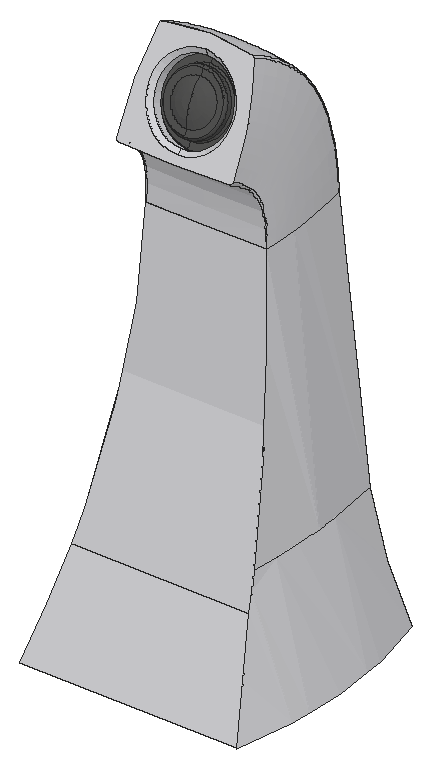
Revit family "Faucet-Wall_Mount-Bath_Spout-KOHLER-MEMOIRS-K-29992IN_1", category Plumbing Fixtures, host Face, Revit 2017
Family settings
  Host = Face
  Round Connector Dimension = Use Diameter
  Part Type = Normal
  OmniClass Number = 23.31.11.00
  OmniClass Title = Faucets
  Cut with Voids When Loaded = No
  Shared = No
  Room Calculation Point = No
Parameters (values of type "CP-Polished Chrome")
  Width = 2.75591"  # constant formula
  WaterSense Certified = 1 = 0  # no
  Waste Water Outlet = "Waste Water Outlet"  # constant formula
  Waste Connection = 1 = 0  # no
  Vent Connection = 1 = 0  # no
  URL = "https://www.kohler.co.in/"
  Type = 1
  Tempered Water Inlet = "Tempered Water Inlet"  # constant formula
  Spout Reach = 5.94488"  # constant formula
  Product Page URL = "https://www.kohler.co.in/product-detail/29992in?skuid=K-29992IN-CP"
  Product Name = "MEMOIRS"  # constant formula
  Product Documentation Link = ""
  Pressure = 45.00 psi  # constant formula
  Model = if(Type = 1, "K-29992IN-CP", if(Type = 2, "K-29992IN-BN", "NA"))  # "K-29992IN-CP"
  Material = "Premium Metal Construction"  # constant formula
  Master Format 2014 Name = "Residential Faucets, Supplies, and Trim"  # constant formula
  Master Format 2014 = "22 41 39"  # constant formula
  Manufacturer Address = "Ambience Office Tower NH-8 Gurgaon / Gurugram Haryana , 122001"  # constant formula
  Manufacturer = "KOHLER Co."  # constant formula
  Length = Spout Reach  # 5.94488"
  Hot Water Inlet = "Hot Water Inlet"  # constant formula
  Height = 2.87402"  # constant formula
  HW Connection = 1 = 1  # yes
  Flow Rate = 12 GPM  # constant formula
  Finish = Kohler-Metal-CP-Polished_Chrome
  Environmental Product Declaration = ""
  Drain Included = 1 = 0  # no
  Description = "Bath spout without diverter"  # constant formula
  Default Elevation = 36"
  Declare Label = ""
  Date Modified = "10/21/2020"  # constant formula
  Date Created = "10/21/2020"  # constant formula
  Copyright = "Copyright KOHLER Co."  # constant formula
  Contact Us = "https://www.kohler.co.in/contact-us"
  Cold Water Inlet = "Cold Water Inlet"  # constant formula
  CW Connection = 1 = 0  # no
  Assembly Code = "D2010"
  ADA Compliant = 1 = 0  # no
Types (3): name | Type | Product Page URL | Model | Finish
  (no name) | 1 | "https://www.kohler.co.in/product-detail/29992in?skuid=K-29992IN-CP" | "K-29992IN-CP" | Kohler-Metal-CP-Polished_Chrome
  CP-Polished Chrome | 1 | "https://www.kohler.co.in/product-detail/29992in?skuid=K-29992IN-CP" | "K-29992IN-CP" | Kohler-Metal-CP-Polished_Chrome
  BN-Brushed Nickel | 2 | "https://www.kohler.co.in/product-detail/29992in?skuid=K-29992IN-BN" | "K-29992IN-BN" | Kohler-Metal-BN-Vibrant_Brushed_Nickel
Reference planes (in)
  plane 1 "Center (Front/Back)": y = 0
  plane 2: z = 0
  plane 3 "Center (Left/Right)": x = 0
  plane 4: z = 5.94488
  plane 5: through (0, -0.51989, 5.94488) normal (0, 0.4077, 0.9131)
  plane 6: x = -1.38277
  plane 7: x = 1.37313
  plane 8: y = 1.43701
  plane 9: y = -1.43701
  plane 10: z = 6.49606
Dimensions and locks (in)
  "Spout Reach": plane 4 to level
  "Width": plane 6 to plane 7
  "Height": plane 9 to plane 8
  aligned and locked: plane 2 to host face
  aligned and locked: level to host face
Automatic sketch dimensions
  host sketch curve to host sketch curve = 96"  (x2)
Nested families (in)
  nested 1: "K-29992IN" at (0, 0, 0), type "K-29992IN"
Connectors (in)
  piping at (0, 0, 0), diameter 0.5, driven by "Flow Rate", driven by "Pressure", driven by "HW Connection", driven by "Tempered Water Inlet"
    settings: on nested 1, index 1, connector inside diameter 24", connector length 0", flow factor 0, pipe flow 12 GPM, pressure drop 45.00 psi, fitting loss kfactor 0, connector angle 0.00°, fixture units 0, engagement length 0", angle of deflection 0.00°, flow configuration 1, flow direction 1, fitting loss method 4, system type 19, joint type 0, gender type 0, connector reference index -1, connector utility 1, adjustable connector no, is connector primary yes, connector description "Tempered Water Inlet"
Definition of nested family "K-29992IN"
  Parameters (values of type "K-29992IN")
    Material = none
  Reference planes (in)
    plane 1 "Center (Front/Back)": y = 0
    plane 2: z = 0
    plane 3 "Center (Left/Right)": x = 0
    plane 4: x = -1.37795
    plane 5: x = 1.37795
    plane 6: y = 1.43701
    plane 7: y = -1.43701
    plane 8: z = 5.94488
    plane 9: z = 6.49606
    plane 10 "A": through (0, -0.25661, 6.53462) normal (0, -0.9131, 0.4077)
  Forms (in)
    Extrusion 1, solid, material <- "Material", detail levels medium+fine
      sketch origin (0, 0, 0) x (0, 1, 0) y (0, 0, 1)
        loop
          arc (-0.30116, 4.60489) -> (-0.48182, 2.83519) -> (-0.97726, 1.12668) r 9.86843
          arc (-0.97726, 1.12668) -> (-1.20431, 0.56118) -> (-1.44184, 0) r 32.7384
          line (-1.44184, 0) -> (1.83071, 0) -> (1.83071, 6.88117) -> (-1.43701, 6.88117) -> (-1.43701, 5.64948)
          arc (-1.43701, 5.64948) -> (-1.00559, 5.47146) -> (-0.60911, 5.22528) r 2.84362
          arc (-0.60911, 5.22528) -> (-0.3805, 4.95213) -> (-0.30116, 4.60489) r 0.76132
      from -1.65473 to 1.55213
    Sweep 2, void
      path origin (0, 0, 0) x (0, 1, 0) y (0, 0, 1)
        loop
          arc (-1.51466, 6.70955) -> (-0.39877, 6.61232) -> (0.56826, 6.04708) r 2.55468
          arc (0.56826, 6.04708) -> (0.75294, 5.81033) -> (0.85473, 5.52784) r 0.95223
          arc (0.85473, 5.52784) -> (0.92111, 5.10136) -> (0.95912, 4.67142) r 6.51843
          line (0.95912, 4.67142) -> (1.13361, 1.50549)
          arc (1.13361, 1.50549) -> (1.40215, 0.08267) -> (2.03131, -1.22143) r 5.52208
      profile origin (0, 1.04636, 3.08845) x (0, 0.998485, 0.055032) y (1, 0, 0)
        loop
          line (1.57048, -1.9943) -> (1.57048, 1.83173) -> (-0.29416, 1.83173)
          arc (-0.29416, 1.83173) -> (-0.00056, -0.08572) -> (-0.3472, -1.9943) r 5.87678
          line (-0.3472, -1.9943) -> (1.57048, -1.9943)
    Sweep 3, void
      path origin (0, 0, 0) x (1, 0, 0) y (0, 0, 1)
        loop
          arc (-2.07379, -1.56668) -> (-1.39948, -0.08106) -> (-0.99214, 1.49876) r 9.40167
          arc (-0.99214, 1.49876) -> (-0.77333, 3.22112) -> (-0.68973, 4.95532) r 22.20857
          arc (-0.68973, 4.95532) -> (-0.74471, 6.3071) -> (-0.9336, 7.64675) r 13.61201
      profile origin (-0.68973, 0, 4.95532) x (-0.999959, 0, 0.009069) y (0, -1, 0)
        loop
          arc (-0.22378, 1.96267) -> (0.0049, 0.10827) -> (-0.39632, -1.71658) r 5.53616
          line (-0.39632, -1.71658) -> (1.13985, -1.71658) -> (1.13985, 1.96267) -> (-0.22378, 1.96267)
    Sweep 4, void
      path origin (0, 0, 0) x (-1, 0, 0) y (0, 0, 1)
        loop
          arc (-2.07379, -1.56668) -> (-1.39948, -0.08106) -> (-0.99214, 1.49876) r 9.40167
          arc (-0.99214, 1.49876) -> (-0.77333, 3.22112) -> (-0.68973, 4.95532) r 22.20857
          arc (-0.68973, 4.95532) -> (-0.74471, 6.3071) -> (-0.9336, 7.64675) r 13.61201
      profile origin (0.68973, 0, 4.95532) x (-0.999959, 0, -0.009069) y (0, -1, 0)
        loop
          line (0.22378, 1.96267) -> (-1.13985, 1.96267) -> (-1.13985, -1.71658) -> (0.39632, -1.71658)
          arc (0.39632, -1.71658) -> (-0.0049, 0.10827) -> (0.22378, 1.96267) r 5.53616
    Extrusion 5, void
      sketch origin (0, 0, 0) x (0, 1, 0) y (0, 0, 1)
        loop
          line (1.43701, 4.53995) -> (1.43701, 6.87832) -> (-1.69522, 6.87832) -> (-1.69522, 4.53995) -> (1.43701, 4.53995)
      from -0.97109 to 0.96685
    SweptBlend 6, solid, material <- "Material", detail levels medium+fine
      path origin (0, 0, 0) x (0, 1, 0) y (0, 0, 1)
        loop
          spline (-0.30212, 4.53995) -> (-0.30334, 4.64083) -> (-0.30879, 4.74054) -> (-0.32116, 4.83824) -> (-0.34316, 4.9331) -> (-0.37747, 5.02431) -> (-0.42679, 5.11102) -> (-0.49382, 5.19243) -> (-0.58126, 5.2677) -> (-0.69178, 5.33601) -> (-0.8281, 5.39653) -> (-0.9929, 5.44843) -> (-1.18889, 5.49089)
      profile origin (0, -0.30212, 4.53995) x (0, -1, 0) y (1, 0, 0)
        loop
          arc (-1.24291, -0.55148) -> (-0.6259, -0.66501) -> (0, -0.70798) r 5.53417
          line (0, -0.70798) -> (0, 0.70798)
          arc (0, 0.70798) -> (-0.62548, 0.66507) -> (-1.24209, 0.55168) r 5.53417
          arc (-1.24209, 0.55168) -> (-1.26848, 0.00012) -> (-1.24291, -0.55148) r 5.86791
      end profile origin (0, -1.18889, 5.49089) x (0, -0.173648, -0.984808) y (1, 0, 0)
        loop
          arc (-1.21636, -0.53267) -> (-1.20617, -0.5521) -> (-1.18716, -0.56305) r 0.03937
          arc (-1.18716, -0.56305) -> (-0.62824, -0.66007) -> (-0.06131, -0.67975) r 4.13858
          arc (-0.06131, -0.67975) -> (-0.03513, -0.66856) -> (-0.02333, -0.64265) r 0.03937
          arc (-0.02333, -0.64265) -> (-0.00499, -0.00481) -> (-0.02306, 0.63304) r 11.17837
          arc (-0.02306, 0.63304) -> (-0.03424, 0.65835) -> (-0.05931, 0.67006) r 0.03937
          arc (-0.05931, 0.67006) -> (-0.63022, 0.66309) -> (-1.19065, 0.55393) r 3.17329
          arc (-1.19065, 0.55393) -> (-1.20868, 0.54274) -> (-1.21829, 0.52383) r 0.03937
          arc (-1.21829, 0.52383) -> (-1.27007, -0.00452) -> (-1.21636, -0.53267) r 2.67168
    Blend 7, solid, material <- "Material", detail levels coarse
      base sketch origin (0, 0, 0) x (1, 0, 0) y (0, 1, 0)
        loop
          line (-1.37989, -1.44184) -> (1.37989, -1.44184) -> (1.37989, 1.43006) -> (-1.37989, 1.43006) -> (-1.37989, -1.44184)
      top sketch origin (0, 0, 0) x (1, 0, 0) y (0, 1, 0)
        loop
          line (-0.6961, 0.99038) -> (-0.6961, -0.30212) -> (0.70798, -0.30212) -> (0.70798, 0.99038) -> (-0.6961, 0.99038)
      from 0 to 4.53995
    Sweep 8, solid, material <- "Material", detail levels coarse
      path origin (0, 0, 0) x (0, 1, 0) y (0, 0, 1)
        loop
          arc (-1.57409, 5.63356) -> (-1.17891, 5.48876) -> (-0.7727, 5.37858) r 4.87563
          arc (-0.7727, 5.37858) -> (-0.53528, 5.25664) -> (-0.3866, 5.03498) r 0.53364
          arc (-0.3866, 5.03498) -> (-0.32339, 4.79104) -> (-0.30212, 4.53995) r 1.49259
      profile origin (0, -0.30212, 4.53995) x (1, 0, 0) y (0, 1, 0)
        loop
          line (-0.6961, 1.2925) -> (-0.6961, 0) -> (0.70798, 0) -> (0.70798, 1.2925) -> (-0.6961, 1.2925)
    Extrusion 9, void
      sketch origin (0, 0, 0) x (0, 1, 0) y (0, 0, 1)
        loop
          line (-0.89658, 5.10109) -> (-0.10566, 6.87275) -> (-1.68047, 6.87275) -> (-1.68047, 5.10109) -> (-0.89658, 5.10109)
      from -0.97343 to 1.09596
    Extrusion 10, solid, material <- "Material", detail levels medium+fine
      sketch origin (0, 0, 0) x (1, 0, 0) y (0, 1, 0)
        loop
          circle (0, 0) r 0.09843
      from 0.04624 to 0
    Extrusion 11, void
      sketch origin (0, 0, 0) x (0, 1, 0) y (0, 0, 1)
        loop
          line (0, 7.10943) -> (-1.43701, 7.10943) -> (-1.43701, 5.14093) -> (-0.8788, 5.14093) -> (0, 7.10943)
      from -1.02334 to 0.99783
    Revolve 12, void
      sketch origin (0, 0, 0) x (0, 1, 0) y (0, 0, 1)
        loop
          line (-0.25411, 5.80936) -> (-0.06951, 6.22287) -> (-0.29259, 6.32246) -> (-0.33343, 6.43466) -> (-0.55301, 5.9428) -> (-0.25411, 5.80936)
        axis (-0.25411, 5.80936) -> (-0.55301, 5.9428)
      angle from 0 to 360
    Revolve 13, solid, detail levels medium+fine
      sketch origin (0, 0, 0) x (0, 1, 0) y (0, 0, 1)
        loop
          line (-0.35497, 6.22087) -> (-0.38711, 6.14887)
          arc (-0.38711, 6.14887) -> (-0.48019, 6.05469) -> (-0.54507, 5.93925) r 0.49636
          line (-0.54507, 5.93925) -> (-0.2544, 5.80949) -> (-0.06173, 6.24108) -> (-0.17208, 6.29034) -> (-0.20256, 6.28217) -> (-0.23468, 6.21024) -> (-0.26507, 6.20209) -> (-0.31617, 6.22491)
          arc (-0.31617, 6.22491) -> (-0.33605, 6.22756) -> (-0.35497, 6.22087) r 0.04286
        axis (-0.2544, 5.80949) -> (-0.54507, 5.93925)
      angle from 0 to 360
  Cuts and joins
    Sweep 2, Sweep 3, Sweep 4, Extrusion 5 cuts Extrusion 1
    Extrusion 11, Revolve 12 cuts SweptBlend 6
    Extrusion 9 cuts Sweep 8
    joined: Blend 7, Sweep 8
  Lines and regions (in)
    Masking region 1
      outline origin (0, 0, 0) x (1, 0, 0) y (0, 1, 0)
        loop
          arc (-1.08256, 1.32483) -> (-1.10067, 1.3157) -> (-1.11183, 1.29877) r 0.03937
          arc (-1.11183, 1.29877) -> (-1.37272, -0.04235) -> (-1.27926, -1.40541) r 5.2578
          arc (-1.27926, -1.40541) -> (-1.26561, -1.4281) -> (-1.24067, -1.43701) r 0.03937
          line (-1.24067, -1.43701) -> (1.24067, -1.43701)
          arc (1.24067, -1.43701) -> (1.26561, -1.4281) -> (1.27926, -1.40541) r 0.03937
          arc (1.27926, -1.40541) -> (1.37272, -0.04235) -> (1.11183, 1.29877) r 5.2578
          arc (1.11183, 1.29877) -> (1.10067, 1.3157) -> (1.08256, 1.32483) r 0.03937
          arc (1.08256, 1.32483) -> (0.56612, 1.40657) -> (0.04412, 1.43682) r 5.27977
          arc (0.04412, 1.43682) -> (-0.52223, 1.41112) -> (-1.08256, 1.32483) r 5.27977
    Masking region 2
      outline origin (0, 0, 0) x (0, 1, 0) y (0, 0, 1)
        loop
          arc (1.12267, 1.64379) -> (1.08144, 2.55122) -> (1.03024, 3.45814) r 82.68363
          arc (1.03024, 3.45814) -> (0.99497, 4.07055) -> (0.96503, 4.68324) r 70.4797
          arc (0.96503, 4.68324) -> (0.88245, 5.22161) -> (0.68667, 5.72987) r 2.53275
          arc (0.68667, 5.72987) -> (0.53857, 5.95788) -> (0.34788, 6.15168) r 1.35309
          arc (0.34788, 6.15168) -> (0.07129, 6.34285) -> (-0.2345, 6.48261) r 1.91168
          arc (-0.2345, 6.48261) -> (-0.26724, 6.48155) -> (-0.29057, 6.45856) r 0.04495
          line (-0.29057, 6.45856) -> (-0.46109, 6.07659)
          arc (-0.46109, 6.07659) -> (-0.54625, 5.93867) -> (-0.59207, 5.78319) r 0.60978
          line (-0.59207, 5.78319) -> (-0.7512, 5.42673)
          arc (-0.7512, 5.42673) -> (-0.75232, 5.39741) -> (-0.73285, 5.37547) r 0.03937
          arc (-0.73285, 5.37547) -> (-0.38792, 5.04125) -> (-0.29782, 4.56949) r 0.79658
          arc (-0.29782, 4.56949) -> (-0.36682, 3.57999) -> (-0.53016, 2.60163) r 10.35712
          arc (-0.53016, 2.60163) -> (-0.72487, 1.85541) -> (-0.97726, 1.12668) r 9.86843
          arc (-0.97726, 1.12668) -> (-1.20292, 0.56162) -> (-1.43701, 0) r 40.72298
          line (-1.43701, 0) -> (1.43701, 0)
          arc (1.43701, 0) -> (1.2208, 0.81048) -> (1.12579, 1.64391) r 5.70414
    Masking region 3
      outline origin (0, 0, 0) x (1, 0, 0) y (0, 0, 1)
        loop
          arc (1.37795, 0) -> (1.04423, 1.21285) -> (0.85579, 2.45658) r 10.65441
          arc (0.85579, 2.45658) -> (0.77122, 3.49751) -> (0.70798, 4.53995) r 51.0001
          arc (0.70798, 4.53995) -> (0.68687, 5.1205) -> (0.682, 5.70142) r 20.76477
          arc (0.682, 5.70142) -> (0.67008, 5.92554) -> (0.632, 6.14672) r 1.9125
          arc (0.632, 6.14672) -> (0.59652, 6.29637) -> (0.55999, 6.44577) r 21.72433
          arc (0.55999, 6.44577) -> (0.54784, 6.4654) -> (0.52653, 6.47428) r 0.03774
          arc (0.52653, 6.47428) -> (0.00081, 6.49606) -> (-0.52485, 6.47279) r 6.14489
          arc (-0.52485, 6.47279) -> (-0.54784, 6.46315) -> (-0.56093, 6.44195) r 0.04083
          arc (-0.56093, 6.44195) -> (-0.59698, 6.29446) -> (-0.632, 6.14672) r 21.72433
          arc (-0.632, 6.14672) -> (-0.67008, 5.92554) -> (-0.682, 5.70142) r 1.9125
          arc (-0.682, 5.70142) -> (-0.68687, 5.1205) -> (-0.70798, 4.53995) r 20.76477
          arc (-0.70798, 4.53995) -> (-0.77122, 3.49751) -> (-0.85579, 2.45658) r 51.0001
          arc (-0.85579, 2.45658) -> (-1.04423, 1.21285) -> (-1.37795, 0) r 10.65441
          line (-1.37795, 0) -> (1.37795, 0)
    symbolic lines, detail levels medium+fine
      curve 1: arc (-1.10127, 1.31516, 0) -> (-0.93537, 1.14765, 0) -> (-0.72032, 1.05106, 0) r 0.64415
      curve 2: arc (-0.72032, 1.05106, 0) -> (-0.62642, 1.01043, 0) -> (-0.55148, 0.94079, 0) r 0.30199
      curve 3: arc (1.10127, 1.31516, 0) -> (0.93537, 1.14765, 0) -> (0.72032, 1.05106, 0) r 0.64415
      curve 4: arc (0.72032, 1.05106, 0) -> (0.62642, 1.01043, 0) -> (0.55148, 0.94079, 0) r 0.30199
      curve 5: arc (-1.26465, -1.42886, 0) -> (-1.05773, -1.01822, 0) -> (-0.87702, -0.59538, 0) r 7.31254
      curve 6: arc (-0.87702, -0.59538, 0) -> (-0.80351, -0.44226, 0) -> (-0.70789, -0.30187, 0) r 1.13098
      curve 7: arc (1.26465, -1.42886, 0) -> (1.05773, -1.01822, 0) -> (0.87702, -0.59538, 0) r 7.31254
      curve 8: arc (0.87702, -0.59538, 0) -> (0.80351, -0.44226, 0) -> (0.70789, -0.30187, 0) r 1.13098
      curve 9: spline (-0.53508, -0.27607, 0) -> (-0.44709, -0.27017, 0) -> (-0.35871, -0.26532, 0) -> (-0.27002, -0.26154, 0) -> (-0.18109, -0.25883, 0) -> (-0.09201, -0.25719, 0) -> (-0.00284, -0.25661, 0) -> (0.08633, -0.25711, 0) -> (0.17542, -0.25868, 0) -> (0.26436, -0.26132, 0) -> (0.35307, -0.26502, 0) -> (0.44147, -0.26979, 0) -> (0.5295, -0.27562, 0)
      curve 10: spline (-0.5607, -0.28566, 0) -> (-0.55982, -0.28446, 0) -> (-0.55866, -0.2833, 0) -> (-0.55723, -0.28219, 0) -> (-0.55554, -0.28115, 0) -> (-0.55361, -0.28018, 0) -> (-0.55145, -0.27928, 0) -> (-0.54909, -0.27848, 0) -> (-0.54655, -0.27778, 0) -> (-0.54385, -0.27718, 0) -> (-0.54102, -0.2767, 0) -> (-0.53809, -0.27632, 0) -> (-0.53508, -0.27607, 0)
      curve 11: spline (-0.6854, -0.75312, 0) -> (-0.68661, -0.71383, 0) -> (-0.6857, -0.67453, 0) -> (-0.68267, -0.63525, 0) -> (-0.67753, -0.59601, 0) -> (-0.67027, -0.55682, 0) -> (-0.6609, -0.51771, 0) -> (-0.64942, -0.47869, 0) -> (-0.63585, -0.43979, 0) -> (-0.62018, -0.40101, 0) -> (-0.60243, -0.36239, 0) -> (-0.5826, -0.32393, 0) -> (-0.5607, -0.28566, 0)
      curve 12: spline (-0.65423, -0.76686, 0) -> (-0.65845, -0.76667, 0) -> (-0.66256, -0.76626, 0) -> (-0.66652, -0.76564, 0) -> (-0.67024, -0.76481, 0) -> (-0.67367, -0.76379, 0) -> (-0.67674, -0.7626, 0) -> (-0.67941, -0.76126, 0) -> (-0.68164, -0.75979, 0) -> (-0.68337, -0.75821, 0) -> (-0.68459, -0.75656, 0) -> (-0.68527, -0.75485, 0) -> (-0.6854, -0.75312, 0)
      curve 13: spline (0.64792, -0.76674, 0) -> (0.53947, -0.76855, 0) -> (0.43098, -0.77004, 0) -> (0.32247, -0.77119, 0) -> (0.21394, -0.77202, 0) -> (0.1054, -0.77253, 0) -> (-0.00315, -0.7727, 0) -> (-0.1117, -0.77255, 0) -> (-0.22024, -0.77207, 0) -> (-0.32877, -0.77126, 0) -> (-0.43728, -0.77012, 0) -> (-0.54577, -0.76866, 0) -> (-0.65423, -0.76687, 0)
      curve 14: spline (0.6776, -0.75472, 0) -> (0.67712, -0.75626, 0) -> (0.67619, -0.75776, 0) -> (0.67482, -0.75921, 0) -> (0.67304, -0.76058, 0) -> (0.67087, -0.76186, 0) -> (0.66833, -0.76302, 0) -> (0.66548, -0.76404, 0) -> (0.66234, -0.76492, 0) -> (0.65896, -0.76564, 0) -> (0.6554, -0.76619, 0) -> (0.6517, -0.76655, 0) -> (0.64792, -0.76674, 0)
      curve 15: spline (0.55347, -0.28459, 0) -> (0.57835, -0.32285, 0) -> (0.60064, -0.36138, 0) -> (0.6203, -0.40014, 0) -> (0.63733, -0.43911, 0) -> (0.65172, -0.47826, 0) -> (0.66344, -0.51755, 0) -> (0.6725, -0.55696, 0) -> (0.67888, -0.59646, 0) -> (0.68258, -0.63602, 0) -> (0.6836, -0.6756, 0) -> (0.68194, -0.71518, 0) -> (0.6776, -0.75472, 0)
      curve 16: arc (0.5295, -0.27562, 0) -> (0.5429, -0.27633, 0) -> (0.55347, -0.28459, 0) r 0.02232
      curve 17: arc (-0.55148, 0.94079, 0) -> (-0.54643, 0.32749, 0) -> (-0.5607, -0.28566, 0) r 19.4749
      curve 18: arc (0.55148, 0.94079, 0) -> (0.54647, 0.32238, 0) -> (0.5611, -0.29588, 0) r 19.4749
      curve 19: arc (-0.6854, -0.75312, 0) -> (-0.70776, -0.52805, 0) -> (-0.70789, -0.30187, 0) r 2.29904
      curve 20: arc (0.6776, -0.75472, 0) -> (0.70512, -0.52912, 0) -> (0.70789, -0.30187, 0) r 2.08144
      curve 21: spline (0, -0.7485, 0) -> (-0.14511, -0.74071, 0) -> (-0.28034, -0.71788, 0) -> (-0.39645, -0.68156, 0) -> (-0.48556, -0.63422, 0) -> (-0.54157, -0.5791, 0) -> (-0.56067, -0.51994, 0) -> (-0.54157, -0.46078, 0) -> (-0.48556, -0.40566, 0) -> (-0.39645, -0.35832, 0) -> (-0.28034, -0.322, 0) -> (-0.14511, -0.29917, 0) -> (0, -0.29138, 0)
      curve 22: spline (0, -0.29138, 0) -> (0.14511, -0.29917, 0) -> (0.28034, -0.322, 0) -> (0.39645, -0.35832, 0) -> (0.48556, -0.40566, 0) -> (0.54157, -0.46078, 0) -> (0.56067, -0.51994, 0) -> (0.54157, -0.5791, 0) -> (0.48556, -0.63422, 0) -> (0.39645, -0.68156, 0) -> (0.28034, -0.71788, 0) -> (0.14511, -0.74071, 0) -> (0, -0.7485, 0)
      curve 23: spline (-0.51546, -0.53385, 0) -> (-0.51972, -0.52968, 0) -> (-0.52378, -0.52547, 0) -> (-0.52763, -0.52124, 0) -> (-0.53128, -0.51697, 0) -> (-0.53472, -0.51267, 0) -> (-0.53795, -0.50835, 0) -> (-0.54097, -0.504, 0) -> (-0.54377, -0.49963, 0) -> (-0.54637, -0.49523, 0) -> (-0.54875, -0.49082, 0) -> (-0.55092, -0.48639, 0) -> (-0.55287, -0.48194, 0)
      curve 24: arc (-0.22596, -0.68205, 0) -> (-0.11363, -0.70024, 0) -> (0, -0.70633, 0) r 1.06335
      curve 25: arc (-0.43113, -0.61139, 0) -> (-0.33062, -0.65275, 0) -> (-0.22596, -0.68205, 0) r 0.92515
      curve 26: arc (-0.5108, -0.54158, 0) -> (-0.47571, -0.5819, 0) -> (-0.43113, -0.61139, 0) r 0.19836
      curve 27: arc (-0.52973, -0.48794, 0) -> (-0.52352, -0.51591, 0) -> (-0.5108, -0.54158, 0) r 0.11883
      curve 28: arc (-0.52711, -0.44205, 0) -> (-0.5302, -0.46489, 0) -> (-0.52973, -0.48794, 0) r 0.14925
      curve 29: spline (0.51546, -0.53385, 0) -> (0.51972, -0.52968, 0) -> (0.52378, -0.52547, 0) -> (0.52763, -0.52124, 0) -> (0.53128, -0.51697, 0) -> (0.53472, -0.51267, 0) -> (0.53795, -0.50835, 0) -> (0.54097, -0.504, 0) -> (0.54377, -0.49963, 0) -> (0.54637, -0.49523, 0) -> (0.54875, -0.49082, 0) -> (0.55092, -0.48639, 0) -> (0.55287, -0.48194, 0)
      curve 30: arc (0.22596, -0.68205, 0) -> (0.11363, -0.70024, 0) -> (0, -0.70633, 0) r 1.06335
      curve 31: arc (0.43113, -0.61139, 0) -> (0.33062, -0.65275, 0) -> (0.22596, -0.68205, 0) r 0.92515
      curve 32: arc (0.5108, -0.54158, 0) -> (0.47571, -0.5819, 0) -> (0.43113, -0.61139, 0) r 0.19836
      curve 33: arc (0.52973, -0.48794, 0) -> (0.52352, -0.51591, 0) -> (0.5108, -0.54158, 0) r 0.11883
      curve 34: arc (0.52711, -0.44205, 0) -> (0.5302, -0.46489, 0) -> (0.52973, -0.48794, 0) r 0.14925
      curve 35: spline (0, -0.63726, 0) -> (-0.05217, -0.63609, 0) -> (-0.10371, -0.63258, 0) -> (-0.15399, -0.62679, 0) -> (-0.2024, -0.61877, 0) -> (-0.24835, -0.60863, 0) -> (-0.29129, -0.5965, 0) -> (-0.33069, -0.58251, 0) -> (-0.36608, -0.56684, 0) -> (-0.39702, -0.54968, 0) -> (-0.42315, -0.53123, 0) -> (-0.44414, -0.51172, 0) -> (-0.45973, -0.49139, 0)
      curve 36: spline (0.45973, -0.49139, 0) -> (0.44414, -0.51172, 0) -> (0.42315, -0.53123, 0) -> (0.39702, -0.54968, 0) -> (0.36608, -0.56684, 0) -> (0.33069, -0.58251, 0) -> (0.29129, -0.5965, 0) -> (0.24835, -0.60863, 0) -> (0.2024, -0.61877, 0) -> (0.15399, -0.62679, 0) -> (0.10371, -0.63258, 0) -> (0.05217, -0.63609, 0) -> (0, -0.63726, 0)
      curve 37: arc (-0.18255, -0.31055, 0) -> (-0.09153, -0.3002, 0) -> (0, -0.29674, 0) r 1.21368
      curve 38: arc (-0.35827, -0.36044, 0) -> (-0.27198, -0.32996, 0) -> (-0.18255, -0.31055, 0) r 0.7287
      curve 39: arc (-0.45146, -0.4232, 0) -> (-0.40786, -0.38737, 0) -> (-0.35827, -0.36044, 0) r 0.29694
      curve 40: arc (-0.45938, -0.49117, 0) -> (-0.46729, -0.4558, 0) -> (-0.45146, -0.4232, 0) r 0.05498
      curve 41: arc (0.18255, -0.31055, 0) -> (0.09153, -0.3002, 0) -> (0, -0.29674, 0) r 1.21368
      curve 42: arc (0.35827, -0.36044, 0) -> (0.27198, -0.32996, 0) -> (0.18255, -0.31055, 0) r 0.7287
      curve 43: arc (0.45146, -0.4232, 0) -> (0.40786, -0.38737, 0) -> (0.35827, -0.36044, 0) r 0.29694
      curve 44: arc (0.45938, -0.49117, 0) -> (0.46729, -0.4558, 0) -> (0.45146, -0.4232, 0) r 0.05498
      curve 45: spline (0, 1.32019, 0) -> (0, 1.28632, 0.12014) -> (0, 1.25493, 0.2411) -> (0, 1.22601, 0.36284) -> (0, 1.19958, 0.4853) -> (0, 1.17567, 0.60843) -> (0, 1.15426, 0.73216) -> (0, 1.13538, 0.85646) -> (0, 1.11903, 0.98126) -> (0, 1.10523, 1.1065) -> (0, 1.09397, 1.23214) -> (0, 1.08526, 1.35812) -> (0, 1.0791, 1.48437)
      curve 46: spline (0, 1.0791, 1.48437) -> (0, 1.07037, 1.73741) -> (0, 1.06113, 1.99086) -> (0, 1.05137, 2.24467) -> (0, 1.04111, 2.49883) -> (0, 1.03033, 2.75329) -> (0, 1.01905, 3.00802) -> (0, 1.00726, 3.26297) -> (0, 0.99497, 3.51812) -> (0, 0.98217, 3.77343) -> (0, 0.96888, 4.02886) -> (0, 0.95508, 4.28438) -> (0, 0.94079, 4.53995)
      curve 47: line (0, -0.23382, 6.41971) -> (0, 0.94079, 4.53995)
      curve 48: arc (0, -0.31275, 6.40888) -> (0, -0.27478, 6.42521) -> (0, -0.23382, 6.41971) r 0.07752
      curve 49: spline (0.81384, 0, 1.46618) -> (0.83428, 0, 1.34152) -> (0.85546, 0, 1.21713) -> (0.87736, 0, 1.09306) -> (0.89998, 0, 0.96938) -> (0.9233, 0, 0.84613) -> (0.94731, 0, 0.72337) -> (0.972, 0, 0.60116) -> (0.99737, 0, 0.47953) -> (1.0234, 0, 0.35855) -> (1.05008, 0, 0.23827) -> (1.07739, 0, 0.11873) -> (1.10534, 0, 0)
      curve 50: spline (0.55168, 0, 4.53995) -> (0.55678, 0, 4.2828) -> (0.56493, 0, 4.02572) -> (0.57613, 0, 3.76873) -> (0.59039, 0, 3.51188) -> (0.60768, 0, 3.25519) -> (0.62803, 0, 2.99871) -> (0.65141, 0, 2.74247) -> (0.67784, 0, 2.48651) -> (0.7073, 0, 2.23086) -> (0.73979, 0, 1.97557) -> (0.7753, 0, 1.72067) -> (0.81384, 0, 1.46618)
      curve 51: line (0.52535, 0, 6.4341) -> (0.55168, 0, 4.53995)
      curve 52: arc (0.52653, 0, 6.47428) -> (0.52551, 0, 6.4542) -> (0.52535, 0, 6.4341) r 0.46369
      curve 53: spline (-0.81384, 0, 1.46618) -> (-0.83428, 0, 1.34152) -> (-0.85546, 0, 1.21713) -> (-0.87736, 0, 1.09306) -> (-0.89998, 0, 0.96938) -> (-0.9233, 0, 0.84613) -> (-0.94731, 0, 0.72337) -> (-0.972, 0, 0.60116) -> (-0.99737, 0, 0.47953) -> (-1.0234, 0, 0.35855) -> (-1.05008, 0, 0.23827) -> (-1.07739, 0, 0.11873) -> (-1.10534, 0, 0)
      curve 54: spline (-0.55168, 0, 4.53995) -> (-0.55678, 0, 4.2828) -> (-0.56493, 0, 4.02572) -> (-0.57613, 0, 3.76873) -> (-0.59039, 0, 3.51188) -> (-0.60768, 0, 3.25519) -> (-0.62803, 0, 2.99871) -> (-0.65141, 0, 2.74247) -> (-0.67784, 0, 2.48651) -> (-0.7073, 0, 2.23086) -> (-0.73979, 0, 1.97557) -> (-0.7753, 0, 1.72067) -> (-0.81384, 0, 1.46618)
      curve 55: line (-0.52535, 0, 6.4341) -> (-0.55168, 0, 4.53995)
      curve 56: arc (-0.52653, 0, 6.47428) -> (-0.52551, 0, 6.4542) -> (-0.52535, 0, 6.4341) r 0.46369
      curve 57: arc (-1.12317, 1.26444, 0) -> (-0.95001, 1.10051, 0) -> (-0.73146, 1.00515, 0) r 0.69139
      curve 58: arc (-0.73146, 1.00515, 0) -> (-0.65225, 0.97088, 0) -> (-0.58903, 0.91213, 0) r 0.25475
      curve 59: arc (0.73146, 1.00515, 0) -> (0.65225, 0.97088, 0) -> (0.58903, 0.91213, 0) r 0.25475
      curve 60: arc (1.12317, 1.26444, 0) -> (0.95001, 1.10051, 0) -> (0.73146, 1.00515, 0) r 0.69139
      curve 61: arc (-0.92103, -0.57819, 0) -> (-0.82819, -0.39133, 0) -> (-0.70385, -0.22377, 0) r 1.17822
      curve 62: arc (-1.28498, -1.36707, 0) -> (-1.0912, -0.97808, 0) -> (-0.92103, -0.57819, 0) r 7.2653
      curve 63: arc (0.92103, -0.57819, 0) -> (0.82819, -0.39133, 0) -> (0.70385, -0.22377, 0) r 1.17822
      curve 64: arc (1.28634, -1.36962, 0) -> (1.09181, -0.97939, 0) -> (0.92103, -0.57819, 0) r 7.2653
      curve 65: arc (-0.70789, -0.30187, 0) -> (-0.66333, 0.30658, 0) -> (-0.58903, 0.91213, 0) r 12.45956
      curve 66: arc (0.70789, -0.30187, 0) -> (0.66333, 0.30658, 0) -> (0.58903, 0.91213, 0) r 12.45956
      curve 67: arc (-0.55148, 0.94079, 0) -> (0, 0.96585, 0) -> (0.55148, 0.94079, 0) r 6.08167
      curve 68: arc (-0.58903, 0.91213, 0) -> (-0.57608, 0.9341, 0) -> (-0.55148, 0.94079, 0) r 0.03385
      curve 69: arc (0.55148, 0.94079, 0) -> (0.57438, 0.93187, 0) -> (0.58903, 0.91213, 0) r 0.0444
      curve 70: line (-0.70776, -0.52805, 0) -> (-0.6012, -0.26133, 0)
      curve 71: arc (-0.58903, 0.91213, 0) -> (-0.58611, 0.32531, 0) -> (-0.6012, -0.26133, 0) r 19.12018
      curve 72: arc (0.58903, 0.91213, 0) -> (0.58611, 0.32531, 0) -> (0.6012, -0.26133, 0) r 19.12018
      curve 73: arc (-0.6012, -0.26133, 0) -> (-0.58816, -0.28551, 0) -> (-0.5607, -0.28566, 0) r 0.02692
      curve 74: line (0.70555, -0.52253, 0) -> (0.6012, -0.26133, 0)
      curve 75: arc (0.5611, -0.29588, 0) -> (0.5895, -0.2883, 0) -> (0.6012, -0.26133, 0) r 0.03377
      curve 76: line (-0.53853, -0.22895, 0) -> (0.53291, -0.2285, 0)
      curve 77: arc (-0.53853, -0.22895, 0) -> (-0.57927, -0.22694, 0) -> (-0.6012, -0.26133, 0) r 0.04059
      curve 78: arc (0.53291, -0.2285, 0) -> (0.57017, -0.23842, 0) -> (0.6012, -0.26133, 0) r 0.1032
      curve 79: spline (0, -0.38711, 0) -> (-0.06621, -0.39066, 0) -> (-0.1279, -0.40108, 0) -> (-0.18088, -0.41765, 0) -> (-0.22153, -0.43925, 0) -> (-0.24709, -0.4644, 0) -> (-0.25581, -0.49138, 0) -> (-0.24709, -0.51837, 0) -> (-0.22153, -0.54352, 0) -> (-0.18088, -0.56512, 0) -> (-0.1279, -0.58169, 0) -> (-0.06621, -0.59211, 0) -> (0, -0.59566, 0)
      curve 80: spline (0, -0.59566, 0) -> (0.06621, -0.59211, 0) -> (0.1279, -0.58169, 0) -> (0.18088, -0.56512, 0) -> (0.22153, -0.54352, 0) -> (0.24709, -0.51837, 0) -> (0.25581, -0.49138, 0) -> (0.24709, -0.4644, 0) -> (0.22153, -0.43925, 0) -> (0.18088, -0.41765, 0) -> (0.1279, -0.40108, 0) -> (0.06621, -0.39066, 0) -> (0, -0.38711, 0)
      curve 81: spline (0, -0.6278, 0) -> (-0.08661, -0.62316, 0) -> (-0.16732, -0.60953, 0) -> (-0.23663, -0.58785, 0) -> (-0.28981, -0.55959, 0) -> (-0.32324, -0.52669, 0) -> (-0.33465, -0.49138, 0) -> (-0.32324, -0.45608, 0) -> (-0.28981, -0.42318, 0) -> (-0.23663, -0.39492, 0) -> (-0.16732, -0.37324, 0) -> (-0.08661, -0.35961, 0) -> (0, -0.35497, 0)
      curve 82: spline (0, -0.35497, 0) -> (0.08661, -0.35961, 0) -> (0.16732, -0.37324, 0) -> (0.23663, -0.39492, 0) -> (0.28981, -0.42318, 0) -> (0.32324, -0.45608, 0) -> (0.33465, -0.49138, 0) -> (0.32324, -0.52669, 0) -> (0.28981, -0.55959, 0) -> (0.23663, -0.58785, 0) -> (0.16732, -0.60953, 0) -> (0.08661, -0.62316, 0) -> (0, -0.6278, 0)
      curve 83: spline (-0.35415, -0.46054, 0) -> (-0.35112, -0.4417, 0) -> (-0.34208, -0.42317, 0) -> (-0.32719, -0.40529, 0) -> (-0.3067, -0.38836, 0) -> (-0.28097, -0.37265, 0) -> (-0.25042, -0.35846, 0) -> (-0.21559, -0.346, 0) -> (-0.17708, -0.33551, 0) -> (-0.13553, -0.32716, 0) -> (-0.09166, -0.32109, 0) -> (-0.04623, -0.31741, 0) -> (0, -0.31617, 0)
      curve 84: line (-0.35415, -0.46054, 0) -> (-0.35415, -0.40944, 0)
      curve 85: spline (0.35415, -0.40944, 0) -> (0.35388, -0.40376, 0) -> (0.35306, -0.39809, 0) -> (0.35169, -0.39244, 0) -> (0.34977, -0.38681, 0) -> (0.34732, -0.38122, 0) -> (0.34433, -0.37567, 0) -> (0.3408, -0.37017, 0) -> (0.33675, -0.36474, 0) -> (0.33217, -0.35937, 0) -> (0.32709, -0.35409, 0) -> (0.32149, -0.34888, 0) -> (0.3154, -0.34377, 0)
      curve 86: spline (0.35415, -0.43611, 0) -> (0.35856, -0.43046, 0) -> (0.36242, -0.42474, 0) -> (0.36573, -0.41896, 0) -> (0.36849, -0.41314, 0) -> (0.3707, -0.40728, 0) -> (0.37234, -0.40139, 0) -> (0.37342, -0.39547, 0) -> (0.37393, -0.38955, 0) -> (0.37388, -0.38362, 0) -> (0.37326, -0.37769, 0) -> (0.37208, -0.37178, 0) -> (0.37033, -0.36589, 0)
      curve 87: line (0.35415, -0.46054, 0) -> (0.35415, -0.40944, 0)
      curve 88: spline (0.35415, -0.46054, 0) -> (0.35112, -0.4417, 0) -> (0.34208, -0.42317, 0) -> (0.32719, -0.40529, 0) -> (0.3067, -0.38836, 0) -> (0.28097, -0.37265, 0) -> (0.25042, -0.35846, 0) -> (0.21559, -0.346, 0) -> (0.17708, -0.33551, 0) -> (0.13553, -0.32716, 0) -> (0.09166, -0.32109, 0) -> (0.04623, -0.31741, 0) -> (0, -0.31617, 0)
      curve 89: arc (-0.35415, -0.46054, 0) -> (-0.33603, -0.51577, 0) -> (-0.29435, -0.55628, 0) r 0.12168
      curve 90: arc (0.35415, -0.46054, 0) -> (0.33603, -0.51577, 0) -> (0.29435, -0.55628, 0) r 0.12168
      curve 91: arc (-0.34035, -0.50826, 0) -> (-0.40139, -0.47291, 0) -> (-0.45024, -0.42202, 0) r 0.25188
      curve 92: arc (0.34035, -0.50826, 0) -> (0.40139, -0.47291, 0) -> (0.45024, -0.42202, 0) r 0.25188
      curve 93: line (0, 1.42087, 0.04724) -> (0, -1.41694, 0.04724)
      curve 94: arc (0, -0.25491, 4.53749) -> (0, -0.44188, 2.79337) -> (0, -0.93325, 1.10949) r 9.91568
      curve 95: arc (0, -0.93325, 1.10949) -> (0, -1.15672, 0.55265) -> (0, -1.39034, 0) r 32.78564
      curve 96: line (0, -0.25491, 4.53749) -> (0, -0.73424, 5.46271)
      curve 97: line (1.36204, 0, 0.04724) -> (-1.36204, 0, 0.04724)
      curve 98: line (0, -0.46043, 6.07807) -> (0, -0.58996, 5.78792)
      curve 99: spline (-0.35415, -0.40944, 0) -> (-0.35388, -0.40376, 0) -> (-0.35306, -0.39809, 0) -> (-0.35169, -0.39244, 0) -> (-0.34977, -0.38681, 0) -> (-0.34732, -0.38122, 0) -> (-0.34433, -0.37567, 0) -> (-0.3408, -0.37017, 0) -> (-0.33675, -0.36474, 0) -> (-0.33217, -0.35937, 0) -> (-0.32709, -0.35409, 0) -> (-0.32149, -0.34888, 0) -> (-0.3154, -0.34377, 0)
      curve 100: spline (-0.35415, -0.43611, 0) -> (-0.35856, -0.43046, 0) -> (-0.36242, -0.42474, 0) -> (-0.36573, -0.41896, 0) -> (-0.36849, -0.41314, 0) -> (-0.3707, -0.40728, 0) -> (-0.37234, -0.40139, 0) -> (-0.37342, -0.39547, 0) -> (-0.37393, -0.38955, 0) -> (-0.37388, -0.38362, 0) -> (-0.37326, -0.37769, 0) -> (-0.37208, -0.37178, 0) -> (-0.37033, -0.36589, 0)
      curve 101: arc (-0.5504, 0.89345, 0) -> (0, 0.9186, 0) -> (0.5504, 0.89345, 0) r 6.03443
      curve 102: arc (-0.5979, 0.85106, 0) -> (-0.58114, 0.88009, 0) -> (-0.5504, 0.89345, 0) r 0.05349
      curve 103: arc (0.5979, 0.85106, 0) -> (0.58114, 0.88009, 0) -> (0.5504, 0.89345, 0) r 0.05349
  Dimensions and locks (in)
    locked: plane 7 to plane 6 at 2.87402
    locked: plane 4 to plane 5 at 2.75591
    locked: plane 9 to plane 2 at 6.49606
    locked: plane 8 to level at 5.94488
    aligned and locked: plane 2 to level
